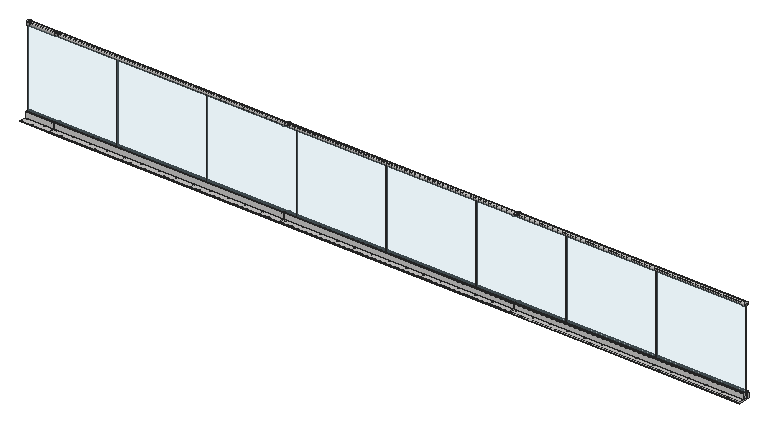
Revit family "34_LB_UNIQ_SB-O2", category Generic Models, Revit 2016
Family settings
  Part Type = Normal
  Can host rebar = No
  Round Connector Dimension = Use Diameter
  Work Plane-Based = No
  Cut with Voids When Loaded = No
  Shared = No
  Room Calculation Point = No
Parameters (values of type "UNIQ_SB-O2")
  verplatsing_passtuk [instance] = if(Passtuk_zichtbaar_omgekeerd, 0 mm, 100 mm)  # 0 mm
  Verstelbaar profiel = "Ja"
  Uitvoering = "RVS look (standaard) materiaal is geanodiseerd en geschik voor binnen en buitengebruik."
  URL = "https://uniq-balustrades.com/profielen/top-mounted-o/uniq-sb-o-2/"
  Profiel_zichtbaar_2 [instance] = [built-in parameter 1001306] > 7999 mm  # yes
  Profiel_zichtbaar_1 [instance] = and([built-in parameter 1001306] > 3999 mm, [built-in parameter 1001306] < 8000 mm)  # no
  Profiel_breedte_vast [instance] = 4000 mm  # constant formula
  Passtuk_zichtbaar_omgekeerd [instance] = not(Passtuk_zichtbaar)  # yes
  Passtuk_zichtbaar [instance] = or([built-in parameter 1001306] = 4000 mm, [built-in parameter 1001306] = 8000 mm, [built-in parameter 1001306] = 12000 mm, [built-in parameter 1001306] = 16000 mm, [built-in parameter 1001306] = 20000 mm, [built-in parameter 1001306] = 24000 mm, [built-in parameter 1001306] = 28000 mm, [built-in parameter 1001306] = 32000 mm, [built-in parameter 1001306] = 40000 mm)  # no
  Model = "UNIQ_SB-O2"
  Materiaal_ribber = Rubber
  Materiaal_profiel = Aluminium
  Materiaal_pakking = Pakking
  Materiaal_glas = Glass
  Materiaal_afdekker = Aluminium
  Manufacturer = "SB Railing"
  built-in parameter 1001306 [instance] = 12500 mm
  Krachten = "Geschikt voor maximaal 2 KN"
  IsExternal [instance] = no
  IfcExportAs = "IfcRailing"
  Hoogte_railing [instance] = 1500 mm
  Hoogte_glas [instance] = Hoogte_railing - 7 mm - 21.9 mm  # 1471.1 mm
  Glas_dikte = 25.5 mm
  Gasdiktes = "Geschikt voor 12/12 pvb en 19"
  FireRating [instance] = "0"
  Dikte_glas = 25.5 mm
  Description = "UNIQ SB-O2 | VLOERMONTAGE"
  Cover_front_CF-320 = no
  Cover_front_CF-312 = no
  Cover_front_CF-303 = no
  Cover_front_CF-300 = yes
  Breedte_passtuk [instance] = if([built-in parameter 1001306] > 8000 mm, [built-in parameter 1001306] - (Aantal_profielen * Profiel_breedte_vast), [built-in parameter 1001306] - 4000 mm)  # 500 mm
  Breedte_glasplaten [instance] = ([built-in parameter 1001306] - ((Aantal_glasplaten - 1) * 10 mm)) / Aantal_glasplaten  # 1553.75 mm
  Bovenrailing = yes
  Ber_breedte_passtuk_4 [instance] = if([built-in parameter 1001306] > 4000 mm, Ber_breedte_passtuk_3 - 4 mm, Ber_breedte_passtuk_3)  # 496 mm
  Ber_breedte_passtuk_3 [instance] = if(Passtuk_zichtbaar_omgekeerd, Ber_breedte_passtuk_2, 100 mm)  # 500 mm
  Ber_breedte_passtuk_2 [instance] = if([built-in parameter 1001306] > 4000 mm, Breedte_passtuk, [built-in parameter 1001306])  # 500 mm
  Ber_breedte_passtuk_5 [instance] = if([built-in parameter 1001306] > 8000 mm, Ber_breedte_passtuk_3 - (Aantal_profielen * 4 mm), Ber_breedte_passtuk_4)  # 488 mm
  Assembly Code = "34.11"
  Aantal_profielen [instance] = if([built-in parameter 1001306] < 8000 mm, 2, ([built-in parameter 1001306] / 4000 mm) - 0.5)  # 3
  Aantal_glasplaten [instance] = 8
Reference planes
  plane 1 "Center (Front/Back)": y = 0
  plane 2: z = 0
  plane 3 "Left": x = 0
  plane 4 "Right": x = 12500
  plane 5: through (0, 2, 1219.2) normal (-0.7071, 0.7071, 0)
  plane 6: x = 488
  plane 7: x = 0
  plane 8: x = 4492
  plane 9: x = 492
  plane 10: x = 4496
  plane 11: z = 1500
  plane 12: z = 7
Lines and regions (mm)
  reference lines
    curve 1: line (0, 0, 0) -> (12500, 0, 0)
Dimensions and locks
  "built-in parameter 1001306": plane 3 "Left" to plane 4 "Right"
  plane 3 "Left" to plane 4 "Right" = 12500 mm
  "verplatsing_passtuk": plane 7 to plane 3 "Left"
  equal spacing: group 1, group 2, group 3  (x3)
  plane 6 to plane 8 = 4004 mm
  locked: plane 6 to plane 9 at 4
  locked: plane 8 to plane 10 at 4
  "Ber_breedte_passtuk_5": plane 7 to plane 6
  nested 6 to nested 6 = 10 mm
  "Hoogte_railing": plane 11 to level
  plane 12 to level = 7 mm  (x2)
  aligned and locked: plane 4 "Right" to curve 1
  aligned and locked: plane 1 "Center (Front/Back)" to curve 1
  aligned and locked: plane 3 "Left" to curve 1
  aligned and locked: level to plane 2
  aligned and locked: nested 1 to level
  aligned and locked: nested 2 to level
  aligned and locked: nested 3 to level
  aligned and locked: plane 7 to nested 2  (x2)
  aligned and locked: plane 1 "Center (Front/Back)" to nested 2
  aligned and locked: plane 1 "Center (Front/Back)" to nested 1
  aligned and locked: plane 1 "Center (Front/Back)" to nested 3
  aligned and locked: nested 4 to level
  aligned and locked: plane 9 to nested 3
  aligned and locked: plane 9 to nested 1
  aligned and locked: plane 10 to nested 4
  aligned and locked: nested 6 to plane 12
  aligned and locked: plane 3 "Left" to nested 5
Nested families
  nested 1: "UNIQ_SB-O2_15.15.4" at (492, 0, 0), Lengte <- "built-in parameter 1001306", Ber_Lengte <- "Profiel_breedte_vast", visible <- "Profiel_zichtbaar_1", Hoogte <- "Hoogte_railing", Bovenrailing <- "Bovenrailing", type "UNIQ_SB-A1_8.8.2"
    with Rubber Rubber, Pakking Rubber, Materiaal_profiel Aluminium, Materiaal_afdekker Aluminium, Lengte_schroef 3950 mm, Lengte 12500 mm, Hoogte 1500 mm, HOH_schroef 100 mm, HOH_boorgat_onder 600 mm, HOH_boorgat 300 mm, Bovenrailing yes, Ber_Lengte 4000 mm, Aantal_boorgat_onder 7, Aantal_boorgat 13, Aantal 40
  nested 2: "UNIQ_SB-O2_15.15.4" at (0, 0, 0), Lengte <- "built-in parameter 1001306", Ber_Lengte <- "Ber_breedte_passtuk_5", visible <- "Passtuk_zichtbaar_omgekeerd", Hoogte <- "Hoogte_railing", Bovenrailing <- "Bovenrailing", type "UNIQ_SB-A1_8.8.2"
    with Rubber Rubber, Pakking Rubber, Materiaal_profiel Aluminium, Materiaal_afdekker Aluminium, Lengte_schroef 438 mm, Lengte 12500 mm, Hoogte 1500 mm, HOH_schroef 100 mm, HOH_boorgat_onder 600 mm, HOH_boorgat 300 mm, Bovenrailing yes, Ber_Lengte 488 mm, Aantal_boorgat_onder 2, Aantal_boorgat 2, Aantal 4
  nested 3: "UNIQ_SB-O2_15.15.4" at (492, 0, 0), Lengte <- "built-in parameter 1001306", Ber_Lengte <- "Profiel_breedte_vast", visible <- "Profiel_zichtbaar_2", Hoogte <- "Hoogte_railing", Bovenrailing <- "Bovenrailing", Materiaal_afdekker <- "Materiaal_afdekker", Materiaal_profiel <- "Materiaal_profiel", Pakking <- "Materiaal_pakking", Rubber <- "Materiaal_ribber", type "UNIQ_SB-A1_8.8.2"
    with Rubber Rubber, Pakking Pakking, Materiaal_profiel Aluminium, Materiaal_afdekker Aluminium, Lengte_schroef 3950 mm, Lengte 12500 mm, Hoogte 1500 mm, HOH_schroef 100 mm, HOH_boorgat_onder 600 mm, HOH_boorgat 300 mm, Bovenrailing yes, Ber_Lengte 4000 mm, Aantal_boorgat_onder 7, Aantal_boorgat 13, Aantal 40
  nested 4: "UNIQ_SB-O2_15.15.4" at (4496, 0, 0), Lengte <- "built-in parameter 1001306", Ber_Lengte <- "Profiel_breedte_vast", visible <- "Profiel_zichtbaar_2", Hoogte <- "Hoogte_railing", Bovenrailing <- "Bovenrailing", Materiaal_afdekker <- "Materiaal_afdekker", Materiaal_profiel <- "Materiaal_profiel", Pakking <- "Materiaal_pakking", Rubber <- "Materiaal_ribber", type "UNIQ_SB-A1_8.8.2"
    with Rubber Rubber, Pakking Pakking, Materiaal_profiel Aluminium, Materiaal_afdekker Aluminium, Lengte_schroef 3950 mm, Lengte 12500 mm, Hoogte 1500 mm, HOH_schroef 100 mm, HOH_boorgat_onder 600 mm, HOH_boorgat 300 mm, Bovenrailing yes, Ber_Lengte 4000 mm, Aantal_boorgat_onder 7, Aantal_boorgat 13, Aantal 40
  nested 5: "34_glasplaat_tbv_railing_V2" at (0, 140.25, 7), Dikte_glas <- "Dikte_glas", Hoogte_glas <- "Hoogte_glas", Aantal_glasplaten <- "Aantal_glasplaten", Ber_lengte <- "built-in parameter 1001306", type "34_glasplaat_tbv_railing_V2"
    with Lengte 12510 mm, Hoogte_glas 1471.1 mm, Dikte_glas 25.5 mm, Breedte_glasplaat 1563.75 mm, Ber_lengte 12500 mm, Aantal_glasplaten 8
  nested 6: "34_glasplaat" at (10936.25, 140.25, 7), type "34_glasplaat"
    with Lengte 1563.75 mm, Hoogte 1471.1 mm, Glas_dikte 25.5 mm, Glas_breedte 1553.75 mm, Glas Glass
  nested 7: "34_glasplaat" at (-10, 140.25, 7), type "34_glasplaat"
    with Lengte 1563.75 mm, Hoogte 1471.1 mm, Glas_dikte 25.5 mm, Glas_breedte 1553.75 mm, Glas Glass
  nested 8: "34_glasplaat" at (9372.5, 140.25, 7), type "34_glasplaat"
    with Lengte 1563.75 mm, Hoogte 1471.1 mm, Glas_dikte 25.5 mm, Glas_breedte 1553.75 mm, Glas Glass
  nested 9: "34_glasplaat" at (7808.75, 140.25, 7), type "34_glasplaat"
    with Lengte 1563.75 mm, Hoogte 1471.1 mm, Glas_dikte 25.5 mm, Glas_breedte 1553.75 mm, Glas Glass
  nested 10: "34_glasplaat" at (6245, 140.25, 7), type "34_glasplaat"
    with Lengte 1563.75 mm, Hoogte 1471.1 mm, Glas_dikte 25.5 mm, Glas_breedte 1553.75 mm, Glas Glass
  nested 11: "34_glasplaat" at (4681.25, 140.25, 7), type "34_glasplaat"
    with Lengte 1563.75 mm, Hoogte 1471.1 mm, Glas_dikte 25.5 mm, Glas_breedte 1553.75 mm, Glas Glass
  nested 12: "34_glasplaat" at (3117.5, 140.25, 7), type "34_glasplaat"
    with Lengte 1563.75 mm, Hoogte 1471.1 mm, Glas_dikte 25.5 mm, Glas_breedte 1553.75 mm, Glas Glass
  nested 13: "34_glasplaat" at (1553.75, 140.25, 7), type "34_glasplaat"
    with Lengte 1563.75 mm, Hoogte 1471.1 mm, Glas_dikte 25.5 mm, Glas_breedte 1553.75 mm, Glas Glass
  nested 14: "UNIQ_SB-O2_15.15.4" at (8500, 0, 0), Lengte <- "built-in parameter 1001306", Ber_Lengte <- "Profiel_breedte_vast", visible <- "Profiel_zichtbaar_2", Hoogte <- "Hoogte_railing", Bovenrailing <- "Bovenrailing", Materiaal_afdekker <- "Materiaal_afdekker", Materiaal_profiel <- "Materiaal_profiel", Pakking <- "Materiaal_pakking", Rubber <- "Materiaal_ribber", type "UNIQ_SB-A1_8.8.2"
    with Rubber Rubber, Pakking Pakking, Materiaal_profiel Aluminium, Materiaal_afdekker Aluminium, Lengte_schroef 3950 mm, Lengte 12500 mm, Hoogte 1500 mm, HOH_schroef 100 mm, HOH_boorgat_onder 600 mm, HOH_boorgat 300 mm, Bovenrailing yes, Ber_Lengte 4000 mm, Aantal_boorgat_onder 7, Aantal_boorgat 13, Aantal 40
Definition of nested family "UNIQ_SB-O2_15.15.4"
  Parameters (values of type "UNIQ_SB-A1_8.8.2")
    Rubber [instance] = none
    Pakking [instance] = none
    Materiaal_profiel [instance] = none
    Materiaal_afdekker [instance] = none
    Lengte_schroef [instance] = Ber_Lengte - 50 mm  # 1200 mm
    Lengte [instance] = 1250 mm
    Hoogte [instance] = 1200 mm
    HOH_schroef [instance] = if(Ber_Lengte > 200 mm, 100 mm, 20 mm)  # 100 mm
    HOH_boorgat_onder [instance] = 600 mm
    HOH_boorgat [instance] = 300 mm
    Cover_front_CF-320 = no
    Cover_front_CF-312 = no
    Cover_front_CF-303 = no
    Cover_front_CF-300 = yes
    Bovenrailing [instance] = yes
    Ber_Lengte [instance] = 1250 mm
    Aantal_boorgat_onder [instance] = if(Ber_Lengte > 900 mm, Ber_Lengte / HOH_boorgat_onder, 2)  # 2
    Aantal_boorgat [instance] = if(Ber_Lengte > 450 mm, Ber_Lengte / HOH_boorgat, 2)  # 4
    Aantal [instance] = Lengte_schroef / HOH_schroef  # 12
  Reference planes
    plane 1 "Center (Front/Back)": y = 0
    plane 2: z = 0
    plane 3 "Center (Left/Right)": x = 0
    plane 4: x = 1250
    plane 5: x = 50
    plane 6: x = 200
    plane 7: x = 1254
    plane 8: z = 1200
    plane 9: z = 1181.136
  Forms (mm)
    Sweep 1, solid, material <- "Materiaal_profiel"
      path origin (0, -19, 0) x (1, 0, 0) y (0, 1, 0)
        loop
          line (0, 0) -> (1250, 0)
      profile "Profiel_SB-O2 : Profiel_SB-A2" origin (625, -19, 0) x (0, 1, 0) y (0, 0, 1)
        loop
          line (19, 0) -> (19, -19) -> (203, -19) -> (203, 69.624) -> (193.4, 96) -> (185.5, 96) -> (185.5, 93) -> (184.1, 93) -> (184.1, 96) -> (175.6, 96) -> (175.6, 85) -> (173, 85) -> (173, 6) -> (137, 6) -> (125, 50.786) -> (125, 83.7) -> (122.4, 83.7) -> (122.4, 94.7) -> (120.9, 94.7) -> (120.9, 91.7) -> (119.5, 91.7) -> (119.5, 94.7) -> (117.85, 94.7) -> (117.85, 96) -> (105, 96) -> (105, 6) -> (-6, 6) -> (-6, 0) -> (19, 0)
    Sweep 2, solid, material <- "Pakking"
      path origin (0, -639, 0) x (1, 0, 0) y (0, 1, 0)
        loop
          line (0, 620) -> (1250, 620)
      profile "Rubber_onder_SB-O2 : Rubber_onder" origin (625, -19, 0) x (0, 1, 0) y (0, 0, 1)
        loop
          line (173, 7) -> (144.48, 7) -> (144.48, 6) -> (173, 6) -> (173, 7)
    Sweep 3, solid, material <- "Pakking"
      path origin (0, -899, 0) x (1, 0, 0) y (0, 1, 0)
        loop
          line (0, 880) -> (1250, 880)
      profile "Rubber_voor_SB-O2 : Rubber_voor" origin (625, -19, 0) x (0, 1, 0) y (0, 0, 1)
        loop
          line (173, 96) -> (172, 96) -> (172, 7) -> (173, 7) -> (173, 96)
    Sweep 4, solid
      path origin (0, -1119, 0) x (1, 0, 0) y (0, 1, 0)
        loop
          line (0, 1100) -> (1250, 1100)
      profile "Stelprofiel_01_SB-O2 : Stelprofiel_01" origin (625, -19, 0) x (0, 1, 0) y (0, 0, 1)
        loop
          line (131.48, 59.863) -> (135.379, 59.863) -> (137.581, 16.363) -> (134.224, 16.363) -> (136.233, 8.863) -> (144.48, 8.863) -> (144.48, 78.863) -> (131.48, 78.863) -> (131.48, 59.863)
    Sweep 5, solid, material <- "Materiaal_afdekker"
      path origin (0, -2079, 0) x (1, 0, 0) y (0, 1, 0)
        loop
          line (0, 2060) -> (1250, 2060)
      profile "Afdekker_achter_01_SB-O2 : Afdekker_achter_01" origin (625, -19, 0) x (0, 1, 0) y (0, 0, 1)
        loop
          line (118, 96) -> (118, 94.7) -> (119.5, 94.7) -> (119.5, 91.7) -> (120.9, 91.7) -> (120.9, 94.7) -> (122.4, 94.7) -> (122.4, 83.7) -> (124, 83.7) -> (124, 94.9) -> (133.9, 94.9) -> (133.9, 87.8) -> (143.011, 87.8) -> (143.011, 88.9) -> (135, 88.9) -> (135, 94.9) -> (143.011, 94.9) -> (143.011, 96) -> (118, 96)
    Sweep 6, solid, material <- "Rubber"
      path origin (0, -1359, 0) x (1, 0, 0) y (0, 1, 0)
        loop
          line (0, 1340) -> (1250, 1340)
      profile "Afdekker_achter_02_SB-O2 : Afdekker_achter_02" origin (625, -19, 0) x (0, 1, 0) y (0, 0, 1)
        loop
          line (143.552, 89.797) -> (146.48, 98.43) -> (146.48, 99.43) -> (145.619, 99.43) -> (143.96, 94.9) -> (136.91, 94.9) -> (135, 93.666) -> (135, 90.134) -> (136.91, 88.9) -> (143.55, 88.9) -> (143.552, 89.797)
    Sweep 7, solid, not visible
      path origin (-1900, -1400, 0) x (1, 0, 0) y (0, 1, 0)
        loop
          line (621, 1400) -> (629, 1400)
      profile "Stelprofiel_02 : Stelprofiel_02" origin (-1275, 0, 0) x (0, 1, 0) y (0, 0, 1)
        loop
          line (9, 166.532) -> (13.74, 166.532) -> (13.74, 174.532) -> (9, 174.532) -> (9, 166.532)
    Sweep 8, solid, not visible
      path origin (-1900, -1680, 0) x (1, 0, 0) y (0, 1, 0)
        loop
          line (617.493, 1680) -> (632.507, 1680)
      profile "Stelprofiel_03 : Stelprofiel_03" origin (-1275, 0, 0) x (0, 1, 0) y (0, 0, 1)
        loop
          line (9, 163.024) -> (9, 178.039) -> (6.758, 178.039) -> (6, 176.096) -> (6, 164.966) -> (6.757, 163.024) -> (9, 163.024)
    Extrusion 9, void, not visible
      sketch origin (-1279, 13.74, 174.532) x (-1, 0, 0) y (0, 0, -1)
        loop
          line (-9, 9) -> (-9, -1) -> (1, -1) -> (1, 9) -> (-9, 9)
        loop
          circle (-4, 4) r 4
      from -7.62 to 4.74
    Extrusion 10, void, not visible
      sketch origin (-1279, 13.74, 174.532) x (-1, 0, 0) y (0, 0, -1)
        loop
          line (-12.507, -4.507) -> (4.507, -4.507) -> (4.507, 12.507) -> (-12.507, 12.507) -> (-12.507, -4.507)
        loop
          line (-6.507, 11.507) -> (-11.507, 6.507) -> (-11.507, 1.493) -> (-6.507, -3.507) -> (-1.493, -3.507) -> (3.507, 1.493) -> (3.507, 6.507) -> (-1.493, 11.507) -> (-6.507, 11.507)
      from 4.74 to 9.74
    Sweep 11, solid, not visible
      path origin (-1900, -1400, 0) x (1, 0, 0) y (0, 1, 0)
        loop
          line (621, 1400) -> (629, 1400)
      profile "Stelprofiel_02 : Stelprofiel_02" origin (-1275, 0, 0) x (0, 1, 0) y (0, 0, 1)
        loop
          line (9, 166.532) -> (13.74, 166.532) -> (13.74, 174.532) -> (9, 174.532) -> (9, 166.532)
    Sweep 12, solid, not visible
      path origin (-1900, -1680, 0) x (1, 0, 0) y (0, 1, 0)
        loop
          line (617.493, 1680) -> (632.507, 1680)
      profile "Stelprofiel_03 : Stelprofiel_03" origin (-1275, 0, 0) x (0, 1, 0) y (0, 0, 1)
        loop
          line (9, 163.024) -> (9, 178.039) -> (6.758, 178.039) -> (6, 176.096) -> (6, 164.966) -> (6.757, 163.024) -> (9, 163.024)
    Extrusion 13, void, not visible
      sketch origin (-1279, 13.74, 174.532) x (-1, 0, 0) y (0, 0, -1)
        loop
          line (-9, 9) -> (-9, -1) -> (1, -1) -> (1, 9) -> (-9, 9)
        loop
          circle (-4, 4) r 4
      from -7.62 to 4.74
    Extrusion 14, void, not visible
      sketch origin (-1279, 13.74, 174.532) x (-1, 0, 0) y (0, 0, -1)
        loop
          line (-12.507, -4.507) -> (4.507, -4.507) -> (4.507, 12.507) -> (-12.507, 12.507) -> (-12.507, -4.507)
        loop
          line (-6.507, 11.507) -> (-11.507, 6.507) -> (-11.507, 1.493) -> (-6.507, -3.507) -> (-1.493, -3.507) -> (3.507, 1.493) -> (3.507, 6.507) -> (-1.493, 11.507) -> (-6.507, 11.507)
      from 4.74 to 9.74
    Extrusion 15, void
      sketch origin (162.168, -16.5, 1.992) x (1, 0, 0) y (0, 1, 0)
        loop
          arc (-117.168, 92.5) -> (-123.168, 86.5) -> (-117.168, 80.5) r 6
          line (-117.168, 80.5) -> (-107.168, 80.5)
          arc (-107.168, 80.5) -> (-101.168, 86.5) -> (-107.168, 92.5) r 6
          line (-107.168, 92.5) -> (-117.168, 92.5)
      from -20.992 to 4.008
    Extrusion 16, void, not visible
      sketch origin (210, 2.5, 1.992) x (1, 0, 0) y (0, 1, 0)
        loop
          arc (-117.168, 92.5) -> (-123.168, 86.5) -> (-117.168, 80.5) r 6
          line (-117.168, 80.5) -> (-107.168, 80.5)
          arc (-107.168, 80.5) -> (-101.168, 86.5) -> (-107.168, 92.5) r 6
          line (-107.168, 92.5) -> (-117.168, 92.5)
      from -20.992 to 4.008
    Extrusion 17, void
      sketch origin (462.168, -16.5, 1.992) x (1, 0, 0) y (0, 1, 0)
        loop
          arc (-117.168, 92.5) -> (-123.168, 86.5) -> (-117.168, 80.5) r 6
          line (-117.168, 80.5) -> (-107.168, 80.5)
          arc (-107.168, 80.5) -> (-101.168, 86.5) -> (-107.168, 92.5) r 6
          line (-107.168, 92.5) -> (-117.168, 92.5)
      from -20.992 to 4.008
    Extrusion 18, void
      sketch origin (274.606, -27.256, 25) x (0, -1, 0) y (1, 0, 0)
        loop
          line (-9.257, -80.606) -> (-9.257, -68.606)
          arc (-9.257, -68.606) -> (-11.014, -64.363) -> (-15.257, -62.606) r 6
          arc (-15.257, -62.606) -> (-19.499, -64.363) -> (-21.257, -68.606) r 6
          line (-21.257, -68.606) -> (-21.257, -80.606)
          arc (-21.257, -80.606) -> (-19.499, -84.848) -> (-15.257, -86.606) r 6
          arc (-15.257, -86.606) -> (-11.014, -84.848) -> (-9.257, -80.606) r 6
      from -25 to -19
    Extrusion 19, void, not visible
      sketch origin (274.606, -8.256, 25) x (0, -1, 0) y (1, 0, 0)
        loop
          line (-9.257, -80.606) -> (-9.257, -68.606)
          arc (-9.257, -68.606) -> (-11.014, -64.363) -> (-15.257, -62.606) r 6
          arc (-15.257, -62.606) -> (-19.499, -64.363) -> (-21.257, -68.606) r 6
          line (-21.257, -68.606) -> (-21.257, -80.606)
          arc (-21.257, -80.606) -> (-19.499, -84.848) -> (-15.257, -86.606) r 6
          arc (-15.257, -86.606) -> (-11.014, -84.848) -> (-9.257, -80.606) r 6
      from -25 to -19
    Extrusion 20, void
      sketch origin (874.606, -27.256, 25) x (0, -1, 0) y (1, 0, 0)
        loop
          line (-9.257, -80.606) -> (-9.257, -68.606)
          arc (-9.257, -68.606) -> (-11.014, -64.363) -> (-15.257, -62.606) r 6
          arc (-15.257, -62.606) -> (-19.499, -64.363) -> (-21.257, -68.606) r 6
          line (-21.257, -68.606) -> (-21.257, -80.606)
          arc (-21.257, -80.606) -> (-19.499, -84.848) -> (-15.257, -86.606) r 6
          arc (-15.257, -86.606) -> (-11.014, -84.848) -> (-9.257, -80.606) r 6
      from -25 to -19
    Extrusion 21, void
      sketch origin (762.168, -16.5, 1.992) x (1, 0, 0) y (0, 1, 0)
        loop
          arc (-117.168, 92.5) -> (-123.168, 86.5) -> (-117.168, 80.5) r 6
          line (-117.168, 80.5) -> (-107.168, 80.5)
          arc (-107.168, 80.5) -> (-101.168, 86.5) -> (-107.168, 92.5) r 6
          line (-107.168, 92.5) -> (-117.168, 92.5)
      from -20.992 to 4.008
    Extrusion 22, void
      sketch origin (1062.168, -16.5, 1.992) x (1, 0, 0) y (0, 1, 0)
        loop
          arc (-117.168, 92.5) -> (-123.168, 86.5) -> (-117.168, 80.5) r 6
          line (-117.168, 80.5) -> (-107.168, 80.5)
          arc (-107.168, 80.5) -> (-101.168, 86.5) -> (-107.168, 92.5) r 6
          line (-107.168, 92.5) -> (-117.168, 92.5)
      from -20.992 to 4.008
    Extrusion 23, solid, material <- "Materiaal_afdekker", visible <- "Bovenrailing"
      sketch origin (0, 120.64, 0) x (0, 1, 0) y (0, 0, 1)
        loop
          arc (38.385, 1146.268) -> (37.222, 1146.137) -> (36.6, 1147.128) r 1.1
          line (36.6, 1147.128) -> (36.6, 1181.136) -> (2.6, 1181.136) -> (2.6, 1147.128)
          arc (2.6, 1147.128) -> (1.978, 1146.137) -> (0.815, 1146.268) r 1.1
          arc (0.815, 1146.268) -> (19.6, 1200) -> (38.385, 1146.268) r 30.15
        loop
          line (38.1, 1147.974) -> (38.1, 1182.636) -> (1.1, 1182.636) -> (1.1, 1147.974)
          arc (1.1, 1147.974) -> (19.6, 1198.5) -> (38.1, 1147.974) r 28.65
      from 0 to 1250
    Extrusion 24, solid, material <- "Rubber", visible <- "Bovenrailing"
      sketch origin (0, 120.64, -4.375) x (0, 1, 0) y (0, 0, 1)
        loop
          line (6.84, 1182.511) -> (32.36, 1182.511) -> (32.36, 1147.263) -> (36.6, 1151.503) -> (36.6, 1184.011)
          arc (36.6, 1184.011) -> (36.161, 1185.072) -> (35.1, 1185.511) r 1.5
          line (35.1, 1185.511) -> (31.6, 1185.511) -> (30.539, 1184.451) -> (8.661, 1184.451) -> (7.6, 1185.511) -> (4.1, 1185.511)
          arc (4.1, 1185.511) -> (3.039, 1185.072) -> (2.6, 1184.011) r 1.5
          line (2.6, 1184.011) -> (2.6, 1151.503) -> (6.84, 1147.263) -> (6.84, 1182.511)
        loop
          line (8.252, 1183.652) -> (6.893, 1185.011) -> (5.34, 1185.011)
          arc (5.34, 1185.011) -> (4.516, 1184.578) -> (4.407, 1183.652) r 1
          line (4.407, 1183.652) -> (8.252, 1183.652)
        loop
          arc (34.793, 1183.652) -> (34.684, 1184.578) -> (33.86, 1185.011) r 1
          line (33.86, 1185.011) -> (32.307, 1185.011) -> (30.948, 1183.652) -> (34.793, 1183.652)
      from 0 to 1250
  Cuts and joins
    Extrusion 15, Extrusion 17, Extrusion 18, Extrusion 20, Extrusion 21, Extrusion 22 cuts Sweep 1
  Lines and regions (mm)
    model lines, not visible
      curve 1: circle (-1275, 13.74, 170.532) r 4 normal (0, 1, 0)
      curve 2: circle (-1275, 13.74, 170.532) r 4 normal (0, 1, 0)
      curve 3: line (-1275, 9, 0) -> (-1275, 13.74, 0)
      curve 5: line (200, 0, -18) -> (200, 0, -6)
    model lines
      curve 4: line (200, -19, -18) -> (200, -19, -6)
      curve 6: line (800, -19, -18) -> (800, -19, -6)
  Dimensions and locks
    "Ber_Lengte": plane 3 "Center (Left/Right)" to plane 4
    "Lengte_schroef": plane 5 to plane 4
    equal spacing: group 3, group 5, group 14, group 15  (x3)
    group 6 to group 8 = 600 mm
    group 6 to group 8 = 0 mm  (x2)
    plane 6 to plane 3 "Center (Left/Right)" = 200 mm  (x2)
    plane 5 to plane 3 "Center (Left/Right)" = 50 mm  (x2)
    equal spacing: group 9, group 10, group 11, group 12, group 13, group 16, group 17, group 18, group 19, group 20, group 21, group 22  (x3)
    plane 3 "Center (Left/Right)" to plane 4 = 1250 mm
    locked: plane 4 to plane 7 at 4
    "Hoogte": plane 8 to level
    locked: plane 8 to plane 9 at 18.864
    aligned and locked: level to plane 2
    aligned and locked: plane 4 to Sweep 1 sketch curve
    aligned and locked: plane 3 "Center (Left/Right)" to Sweep 1 sketch curve
    aligned and locked: plane 4 to Sweep 2 sketch curve
    aligned and locked: plane 3 "Center (Left/Right)" to Sweep 2 sketch curve
    aligned and locked: plane 3 "Center (Left/Right)" to Sweep 3 sketch curve
    aligned and locked: plane 4 to Sweep 3 sketch curve
    aligned and locked: plane 3 "Center (Left/Right)" to Sweep 4 sketch curve
    aligned and locked: plane 4 to Sweep 4 sketch curve
    aligned and locked: plane 3 "Center (Left/Right)" to Sweep 5 sketch curve
    aligned and locked: plane 4 to Sweep 5 sketch curve
    aligned and locked: plane 3 "Center (Left/Right)" to Sweep 6 sketch curve
    aligned and locked: plane 4 to Sweep 6 sketch curve
    aligned and locked: curve 4 to plane 6
    aligned and locked: plane 5 to nested 1
    aligned and locked: plane 3 "Center (Left/Right)" to nested 13
    aligned and locked: plane 1 "Center (Front/Back)" to nested 13
    aligned and locked: plane 3 "Center (Left/Right)" to nested 14
    aligned and locked: plane 1 "Center (Front/Back)" to nested 14
    aligned and locked: plane 3 "Center (Left/Right)" to nested 15
    aligned and locked: plane 1 "Center (Front/Back)" to nested 15
    aligned and locked: plane 1 "Center (Front/Back)" to nested 16
    aligned and locked: plane 4 to Extrusion 23
    aligned and locked: plane 4 to Extrusion 24
  Automatic sketch dimensions
    Sweep 8 sketch curve to Sweep 8 sketch curve = 15.015 mm
    Sweep 7 to Extrusion 9 sketch curve = 1 mm  (x2)
    Extrusion 9 sketch curve to Sweep 7 = 4 mm
    Extrusion 9 sketch curve to Sweep 7 = 1 mm  (x2)
    Sweep 7 to Extrusion 9 sketch curve = 4 mm
    Sweep 7 to Extrusion 10 sketch curve = 4.507 mm  (x2)
    Sweep 7 to Extrusion 10 sketch curve = 1.493 mm  (x4)
    Sweep 7 to Extrusion 10 sketch curve = 3.507 mm  (x2)
    Extrusion 10 sketch curve to Sweep 7 = 1.493 mm  (x4)
    Extrusion 10 sketch curve to Sweep 7 = 3.507 mm  (x2)
    Extrusion 10 sketch curve to Sweep 7 = 4.507 mm  (x2)
    Sweep 7 sketch curve to Sweep 7 sketch curve = 8 mm
    Sweep 12 sketch curve to Sweep 12 sketch curve = 15.015 mm
    Sweep 11 to Extrusion 13 sketch curve = 1 mm  (x2)
    Extrusion 13 sketch curve to Sweep 11 = 4 mm
    Extrusion 13 sketch curve to Sweep 11 = 1 mm  (x2)
    Sweep 11 to Extrusion 13 sketch curve = 4 mm
    Sweep 11 to Extrusion 14 sketch curve = 4.507 mm  (x2)
    Sweep 11 to Extrusion 14 sketch curve = 1.493 mm  (x4)
    Sweep 11 to Extrusion 14 sketch curve = 3.507 mm  (x2)
    Extrusion 14 sketch curve to Sweep 11 = 1.493 mm  (x4)
    Extrusion 14 sketch curve to Sweep 11 = 3.507 mm  (x2)
    Extrusion 14 sketch curve to Sweep 11 = 4.507 mm  (x2)
    Sweep 11 sketch curve to Sweep 11 sketch curve = 8 mm
    curve 3 to curve 3 = 4.74 mm
    curve 4 to curve 4 = 12 mm
    curve 5 to curve 5 = 12 mm
    curve 6 to curve 6 = 12 mm
    plane 1 "Center (Front/Back)" to Sweep 1 sketch curve = 19 mm
    plane 1 "Center (Front/Back)" to Sweep 2 sketch curve = 19 mm
    plane 1 "Center (Front/Back)" to Sweep 3 sketch curve = 19 mm
    plane 1 "Center (Front/Back)" to Sweep 4 sketch curve = 19 mm
    plane 1 "Center (Front/Back)" to Sweep 5 sketch curve = 19 mm
    plane 1 "Center (Front/Back)" to Sweep 6 sketch curve = 19 mm
    Extrusion 20 sketch curve to Extrusion 20 sketch curve = 0 mm  (x4)
    Extrusion 20 sketch curve to Extrusion 20 sketch curve = 6 mm
    Extrusion 20 sketch curve to Extrusion 20 sketch curve = 12 mm
    Extrusion 18 sketch curve to Extrusion 18 sketch curve = 0 mm  (x4)
    Extrusion 18 sketch curve to Extrusion 18 sketch curve = 6 mm
    Extrusion 18 sketch curve to Extrusion 18 sketch curve = 12 mm
    Extrusion 19 sketch curve to Extrusion 19 sketch curve = 0 mm  (x4)
    Extrusion 19 sketch curve to Extrusion 19 sketch curve = 6 mm
    Extrusion 19 sketch curve to Extrusion 19 sketch curve = 12 mm
    Extrusion 15 sketch curve to Extrusion 15 sketch curve = 10 mm
    Extrusion 15 sketch curve to Extrusion 15 sketch curve = 6 mm
    Extrusion 16 sketch curve to Extrusion 16 sketch curve = 10 mm
    Extrusion 16 sketch curve to Extrusion 16 sketch curve = 6 mm
    Extrusion 17 sketch curve to Extrusion 17 sketch curve = 10 mm
    Extrusion 17 sketch curve to Extrusion 17 sketch curve = 6 mm
    Extrusion 21 sketch curve to Extrusion 21 sketch curve = 10 mm
    Extrusion 21 sketch curve to Extrusion 21 sketch curve = 6 mm
    Extrusion 22 sketch curve to Extrusion 22 sketch curve = 10 mm
    Extrusion 22 sketch curve to Extrusion 22 sketch curve = 6 mm
    Extrusion 23 sketch curve to Extrusion 23 sketch curve = 0 mm  (x4)
    Extrusion 23 sketch curve to Extrusion 23 sketch curve = 0.4 mm  (x2)
    Extrusion 23 sketch curve to Extrusion 23 sketch curve = 1.5 mm  (x2)
    Extrusion 23 sketch curve to Extrusion 23 sketch curve = 17 mm  (x2)
    Extrusion 23 sketch curve to Extrusion 23 sketch curve = 1.1 mm
    Extrusion 23 sketch curve to Extrusion 23 sketch curve = 11.286 mm
    Extrusion 23 sketch curve to Extrusion 23 sketch curve = 21.876 mm
    Extrusion 23 sketch curve to Extrusion 23 sketch curve = 0.846 mm  (x2)
    Extrusion 23 sketch curve to plane 1 "Center (Front/Back)" = 121.74 mm
    Extrusion 23 sketch curve to plane 9 = 0 mm
    Extrusion 24 sketch curve to plane 9 = 0 mm  (x2)
    Extrusion 24 sketch curve to plane 1 "Center (Front/Back)" = 123.24 mm
    Extrusion 24 sketch curve to Extrusion 24 sketch curve = 1.5 mm  (x2)
    Extrusion 24 sketch curve to Extrusion 24 sketch curve = 0.307 mm
    Extrusion 24 sketch curve to plane 9 = 0.5 mm  (x2)
    Extrusion 24 sketch curve to Extrusion 24 sketch curve = 1.24 mm  (x2)
    Extrusion 24 sketch curve to Extrusion 24 sketch curve = 1.553 mm  (x2)
    Extrusion 24 sketch curve to Extrusion 24 sketch curve = 0.707 mm  (x2)
    Extrusion 24 sketch curve to plane 9 = 1.859 mm  (x2)
    Extrusion 24 sketch curve to Extrusion 24 sketch curve = 1.412 mm  (x2)
    Extrusion 24 sketch curve to Extrusion 24 sketch curve = 0.409 mm  (x2)
    Extrusion 24 sketch curve to plane 9 = 1.061 mm
    Extrusion 24 sketch curve to Extrusion 24 sketch curve = 21.879 mm
    Extrusion 24 sketch curve to Extrusion 24 sketch curve = 1.061 mm
    Extrusion 24 sketch curve to Extrusion 24 sketch curve = 0.933 mm
    Extrusion 24 sketch curve to plane 9 = 1.5 mm
    Extrusion 24 sketch curve to Extrusion 24 sketch curve = 32.15 mm
    Extrusion 24 sketch curve to Extrusion 24 sketch curve = 4.24 mm  (x2)
    Extrusion 24 sketch curve to Extrusion 24 sketch curve = 1.141 mm
    Extrusion 24 sketch curve to Extrusion 24 sketch curve = 0 mm
    radius of Extrusion 9 sketch curve = 4 mm
    radius of Extrusion 13 sketch curve = 4 mm
  Nested families
    nested 1: "06_Stelprofiel_04_SCHROEF_SB-O2" at (42.5, 0, 0), type "06_Stelprofiel_04_SCHROEF"
    nested 2: "06_Stelprofiel_04_SCHROEF_SB-O2" at (142.5, 0, 0), type "06_Stelprofiel_04_SCHROEF"
    nested 3: "06_Stelprofiel_04_SCHROEF_SB-O2" at (242.5, 0, 0), type "06_Stelprofiel_04_SCHROEF"
    nested 4: "06_Stelprofiel_04_SCHROEF_SB-O2" at (342.5, 0, 0), type "06_Stelprofiel_04_SCHROEF"
    nested 5: "06_Stelprofiel_04_SCHROEF_SB-O2" at (442.5, 0, 0), type "06_Stelprofiel_04_SCHROEF"
    nested 6: "06_Stelprofiel_04_SCHROEF_SB-O2" at (542.5, 0, 0), type "06_Stelprofiel_04_SCHROEF"
    nested 7: "06_Stelprofiel_04_SCHROEF_SB-O2" at (642.5, 0, 0), type "06_Stelprofiel_04_SCHROEF"
    nested 8: "06_Stelprofiel_04_SCHROEF_SB-O2" at (742.5, 0, 0), type "06_Stelprofiel_04_SCHROEF"
    nested 9: "06_Stelprofiel_04_SCHROEF_SB-O2" at (842.5, 0, 0), type "06_Stelprofiel_04_SCHROEF"
    nested 10: "06_Stelprofiel_04_SCHROEF_SB-O2" at (942.5, 0, 0), type "06_Stelprofiel_04_SCHROEF"
    nested 11: "06_Stelprofiel_04_SCHROEF_SB-O2" at (1042.5, 0, 0), type "06_Stelprofiel_04_SCHROEF"
    nested 12: "06_Stelprofiel_04_SCHROEF_SB-O2" at (1142.5, 0, 0), type "06_Stelprofiel_04_SCHROEF"
    nested 13: "Cover_front_CF-303_SB-O2" at (0, 0, 0), Lengte <- "Ber_Lengte", visible <- "Cover_front_CF-303", Materiaal <- "Materiaal_afdekker", type "std"
      with Materiaal none, Lengte 1250 mm
    nested 14: "Cover_front_CF-312_SB-O2" at (0, 0, 0), Lengte <- "Ber_Lengte", visible <- "Cover_front_CF-312", Materiaal <- "Materiaal_afdekker", type "std"
      with Materiaal none, Lengte 1250 mm
    nested 15: "Cover_front_CF-320_SB-O2" at (0, 0, 0), Lengte <- "Ber_Lengte", visible <- "Cover_front_CF-320", Materiaal <- "Materiaal_afdekker", type "std"
      with Materiaal none, Lengte 1250 mm
    nested 16: "Cover_front_CF-300_SB-O2" at (0, 0, 0), Lengte <- "Ber_Lengte", visible <- "Cover_front_CF-300", Materiaal <- "Materiaal_afdekker", type "std"
      with Materiaal none, Lengte 1250 mm
  Definition of nested family "06_Stelprofiel_04_SCHROEF_SB-O2"
    Reference planes
      plane 1 "Center (Front/Back)": y = 0
      plane 2: z = 0
      plane 3 "Center (Left/Right)": x = 0
    Forms (mm)
      Extrusion 1, solid
        sketch origin (0, 112.48, -102.672) x (1, 0, 0) y (0, 0, 1)
          loop
            circle (7.504, 170.535) r 3.996
        from 0 to 3.48
      Sweep 2, solid
        path origin (0, 119, -102.672) x (1, 0, 0) y (0, 1, 0)
          loop
            line (0, 0) -> (15, 0)
        profile "06_Stelprofiel_03 : 06_Stelprofiel_03" origin (7.5, 119, -102.672) x (0, 1, 0) y (0, 0, 1)
          loop
            line (-12.243, 163.024) -> (-10, 163.024) -> (-10, 178.038) -> (-12.242, 178.038) -> (-13, 176.096) -> (-13, 164.966) -> (-12.243, 163.024)
      Extrusion 3, void
        sketch origin (0, 113.74, -102.672) x (1, 0, 0) y (0, 0, 1)
          loop
            line (16, 179.038) -> (-1, 179.038) -> (-1, 162.024) -> (16, 162.024) -> (16, 179.038)
          loop
            line (15, 173.038) -> (10, 178.038) -> (5, 178.038) -> (0, 173.038) -> (0, 168.024) -> (5, 163.024) -> (10, 163.024) -> (15, 168.024) -> (15, 173.038)
        from 4.74 to 7.74
      Extrusion 4, solid, not visible
        sketch origin (0, 112.48, -102.672) x (1, 0, 0) y (0, 0, 1)
          loop
            circle (7.504, 170.535) r 3.996
        from 0 to 3.48
      Sweep 5, solid, not visible
        path origin (0, 119, -102.672) x (1, 0, 0) y (0, 1, 0)
          loop
            line (0, 0) -> (15, 0)
        profile "06_Stelprofiel_03 : 06_Stelprofiel_03" origin (7.5, 119, -102.672) x (0, 1, 0) y (0, 0, 1)
          loop
            line (-12.243, 163.024) -> (-10, 163.024) -> (-10, 178.038) -> (-12.242, 178.038) -> (-13, 176.096) -> (-13, 164.966) -> (-12.243, 163.024)
      Extrusion 6, void, not visible
        sketch origin (0, 113.74, -102.672) x (1, 0, 0) y (0, 0, 1)
          loop
            line (16, 179.038) -> (-1, 179.038) -> (-1, 162.024) -> (16, 162.024) -> (16, 179.038)
          loop
            line (15, 173.038) -> (10, 178.038) -> (5, 178.038) -> (0, 173.038) -> (0, 168.024) -> (5, 163.024) -> (10, 163.024) -> (15, 168.024) -> (15, 173.038)
        from 4.74 to 7.74
    Cuts and joins
      Extrusion 3 cuts Sweep 2
    Lines and regions (mm)
      model lines
        curve 1: line (7.5, -4.74, 0) -> (7.5, 0, 0)
      model lines, not visible
        curve 2: line (7.5, -4.74, 0) -> (7.5, 0, 0)
    Dimensions and locks
      aligned and locked: level to plane 2
  Definition of nested family "Cover_front_CF-303_SB-O2"
    Parameters (values of type "std")
      Materiaal [instance] = none
      Lengte [instance] = 1828.168 mm
    Reference planes
      plane 1 "Center (Front/Back)": y = 0
      plane 2: z = 0
      plane 3 "Center (Left/Right)": x = 0
      plane 4: x = 1828.168
    Forms (mm)
      Sweep 1, solid, material <- "Materiaal"
        path origin (0, 0, 0) x (1, 0, 0) y (0, 1, 0)
          loop
            line (0, 0) -> (1828.168, 0)
        profile "Afdekker_voor_CF-303_SB-O2 : Afdekker_voor_CF-103" origin (914.084, 0, 0) x (0, 1, 0) y (0, 0, 1)
          loop
            line (166.5, 93) -> (166.5, 96) -> (186.9, 96)
            arc (186.9, 96) -> (187.254, 95.854) -> (187.4, 95.5) r 0.5
            line (187.4, 95.5) -> (187.4, 87.981) -> (188.6, 87.981) -> (188.6, 95.5)
            arc (188.6, 95.5) -> (188.102, 96.702) -> (186.9, 97.2) r 1.7
            line (186.9, 97.2) -> (153.5, 97.2) -> (153.5, 96) -> (155, 96) -> (155, 85) -> (156.6, 85) -> (156.6, 96) -> (165.1, 96) -> (165.1, 93) -> (166.5, 93)
    Dimensions and locks
      "Lengte": plane 3 "Center (Left/Right)" to plane 4
      aligned and locked: level to plane 2
      aligned and locked: plane 1 "Center (Front/Back)" to Sweep 1 sketch curve
      aligned and locked: plane 4 to Sweep 1 sketch curve
    Automatic sketch dimensions
      plane 3 "Center (Left/Right)" to Sweep 1 sketch curve = 0 mm
  Definition of nested family "Cover_front_CF-312_SB-O2"
    Parameters (values of type "std")
      Materiaal [instance] = none
      Lengte [instance] = 1828.168 mm
    Types (2): name
      std
      Cover_front_CF-112
    Reference planes
      plane 1 "Center (Front/Back)": y = 0
      plane 2: z = 0
      plane 3 "Center (Left/Right)": x = 0
      plane 4: x = 1828.168
    Forms (mm)
      Sweep 1, solid, material <- "Materiaal"
        path origin (0, 0, 0) x (1, 0, 0) y (0, 1, 0)
          loop
            line (0, 0) -> (1828.168, 0)
        profile "Afdekker_voor_CF-312_SB-O2 : Afdekker_voor_CF-112" origin (914.084, 0, 0) x (0, 1, 0) y (0, 0, 1)
          loop
            line (166.5, 93) -> (166.5, 96) -> (195.9, 96)
            arc (195.9, 96) -> (196.254, 95.854) -> (196.4, 95.5) r 0.5
            line (196.4, 95.5) -> (196.4, 88) -> (197.6, 88) -> (197.6, 95.5)
            arc (197.6, 95.5) -> (197.102, 96.702) -> (195.9, 97.2) r 1.7
            line (195.9, 97.2) -> (153.511, 97.2) -> (153.511, 96) -> (155, 96) -> (155, 85) -> (156.6, 85) -> (156.6, 96) -> (165.1, 96) -> (165.1, 93) -> (166.5, 93)
    Dimensions and locks
      "Lengte": plane 3 "Center (Left/Right)" to plane 4
      aligned and locked: level to plane 2
      aligned and locked: plane 1 "Center (Front/Back)" to Sweep 1 sketch curve
      aligned and locked: plane 4 to Sweep 1 sketch curve
    Automatic sketch dimensions
      plane 3 "Center (Left/Right)" to Sweep 1 sketch curve = 0 mm
  Definition of nested family "Cover_front_CF-320_SB-O2"
    Parameters (values of type "std")
      Materiaal [instance] = none
      Lengte [instance] = 1828.168 mm
    Types (2): name
      std
      Cover_front_CF-120
    Reference planes
      plane 1 "Center (Front/Back)": y = 0
      plane 2: z = 0
      plane 3 "Center (Left/Right)": x = 0
      plane 4: x = 1828.168
    Forms (mm)
      Sweep 1, solid, material <- "Materiaal"
        path origin (0, 0, 0) x (1, 0, 0) y (0, 1, 0)
          loop
            line (0, 0) -> (1828.168, 0)
        profile "Afdekker_voor_CF-320_SB-O2 : Afdekker_voor_CF-120" origin (914.084, 0, 0) x (0, 1, 0) y (0, 0, 1)
          loop
            line (166.5, 93) -> (166.5, 96) -> (203.9, 96)
            arc (203.9, 96) -> (204.254, 95.854) -> (204.4, 95.5) r 0.5
            line (204.4, 95.5) -> (204.4, 87.986) -> (205.6, 87.986) -> (205.6, 95.5)
            arc (205.6, 95.5) -> (205.102, 96.702) -> (203.9, 97.2) r 1.7
            line (203.9, 97.2) -> (153.457, 97.2) -> (153.457, 96) -> (155, 96) -> (155, 85) -> (156.6, 85) -> (156.6, 96) -> (165.1, 96) -> (165.1, 93) -> (166.5, 93)
    Dimensions and locks
      "Lengte": plane 3 "Center (Left/Right)" to plane 4
      aligned and locked: level to plane 2
      aligned and locked: plane 1 "Center (Front/Back)" to Sweep 1 sketch curve
      aligned and locked: plane 4 to Sweep 1 sketch curve
    Automatic sketch dimensions
      plane 3 "Center (Left/Right)" to Sweep 1 sketch curve = 0 mm
  Definition of nested family "Cover_front_CF-300_SB-O2"
    Parameters (values of type "std")
      Materiaal [instance] = none
      Lengte [instance] = 1828.168 mm
    Reference planes
      plane 1 "Center (Front/Back)": y = 0
      plane 2: z = 0
      plane 3 "Center (Left/Right)": x = 0
      plane 4: x = 1828.168
    Forms (mm)
      Sweep 1, solid, material <- "Materiaal"
        path origin (0, 0, 0) x (1, 0, 0) y (0, 1, 0)
          loop
            line (0, 0) -> (1828.168, 0)
        profile "Afdekker_voor_CF-100_SB-O2 : Afdekker_voor_CF-100" origin (914.084, 0, 0) x (0, 1, 0) y (0, 0, 1)
          loop
            line (166.5, 93) -> (166.5, 96) -> (173.288, 96) -> (172.887, 97.1) -> (153.49, 97.1) -> (153.49, 96) -> (155, 96) -> (155, 85) -> (156.6, 85) -> (156.6, 96) -> (165.1, 96) -> (165.1, 93) -> (166.5, 93)
    Dimensions and locks
      "Lengte": plane 3 "Center (Left/Right)" to plane 4
      aligned and locked: level to plane 2
      aligned and locked: plane 1 "Center (Front/Back)" to Sweep 1 sketch curve
      aligned and locked: plane 4 to Sweep 1 sketch curve
    Automatic sketch dimensions
      plane 3 "Center (Left/Right)" to Sweep 1 sketch curve = 0 mm
Definition of nested family "34_glasplaat"
  Parameters (values of type "34_glasplaat")
    Lengte [instance] = 1200 mm
    Hoogte [instance] = 800 mm
    Glas_dikte [instance] = 21.5 mm
    Glas_breedte [instance] = Lengte - 10 mm  # 1190 mm
    Glas [instance] = none
  Types (2): name
    34_glasplaat
    34_glasplaat 2
  Reference planes
    plane 1 "Center (Front/Back)": y = 0
    plane 2: z = 0
    plane 3 "Center (Left/Right)": x = 0
    plane 4: x = 1200
    plane 5: z = 800
    plane 6: y = 10.75
    plane 7: y = -10.75
    plane 8: x = 10
  Forms (mm)
    Extrusion 1, solid, material <- "Glas"
      sketch origin (0, 0, 0) x (1, 0, 0) y (0, 1, 0)
        loop
          line (10, -10.75) -> (1200, -10.75) -> (1200, 10.75) -> (10, 10.75) -> (10, -10.75)
      from 0 to 800
  Dimensions and locks
    "Lengte": plane 3 "Center (Left/Right)" to plane 4
    "Hoogte": plane 5 to level
    "Glas_dikte": plane 6 to plane 7
    equal spacing: plane 6, plane 1 "Center (Front/Back)", plane 7
    locked: plane 3 "Center (Left/Right)" to plane 8 at 10
    aligned and locked: level to plane 2
    aligned and locked: Extrusion 1 sketch curve to plane 7
    aligned and locked: Extrusion 1 to plane 8
    aligned and locked: plane 6 to Extrusion 1 sketch curve
    aligned and locked: plane 5 to Extrusion 1
  Automatic sketch dimensions
    Extrusion 1 sketch curve to plane 8 = 0 mm
    Extrusion 1 sketch curve to plane 4 = 0 mm
Definition of nested family "34_glasplaat_tbv_railing_V2"
  Parameters (values of type "34_glasplaat_tbv_railing_V2")
    Materiaal_glas = none
    Lengte [instance] = Ber_lengte + 10 mm  # 5000 mm
    Hoogte_glas [instance] = 1000 mm
    Dikte_glas [instance] = 21.5 mm
    Breedte_glasplaat [instance] = Lengte / Aantal_glasplaten  # 1000 mm
    Ber_lengte [instance] = 4990 mm
    Aantal_glasplaten [instance] = 5
  Reference planes
    plane 1 "Center (Front/Back)": y = 0
    plane 2: z = 0
    plane 3 "Center (Left/Right)": x = 0
    plane 4: x = 5000
    plane 5: x = 4990
  Dimensions and locks
    "Lengte": plane 3 "Center (Left/Right)" to plane 4
    equal spacing: group 1, group 2, group 3, group 4, group 5  (x3)
    locked: plane 5 to plane 4 at 10
    aligned and locked: level to plane 2
    aligned and locked: plane 1 "Center (Front/Back)" to nested 1
    aligned and locked: nested 1 to plane 3 "Center (Left/Right)"
    aligned and locked: nested 2 to nested 1
  Nested families
    nested 1: "34_glasplaat" at (-10, 0, 0), Glas <- "Materiaal_glas", Lengte <- "Breedte_glasplaat", Hoogte <- "Hoogte_glas", Glas_dikte <- "Dikte_glas", type "34_glasplaat"
      with Lengte 1000 mm, Hoogte 1000 mm, Glas_dikte 21.5 mm, Glas_breedte 990 mm, Glas none
    nested 2: "34_glasplaat" at (990, 0, 0), Glas <- "Materiaal_glas", Lengte <- "Breedte_glasplaat", Hoogte <- "Hoogte_glas", Glas_dikte <- "Dikte_glas", type "34_glasplaat"
      with Lengte 1000 mm, Hoogte 1000 mm, Glas_dikte 21.5 mm, Glas_breedte 990 mm, Glas none
    nested 3: "34_glasplaat" at (1990, 0, 0), Glas <- "Materiaal_glas", Lengte <- "Breedte_glasplaat", Hoogte <- "Hoogte_glas", Glas_dikte <- "Dikte_glas", type "34_glasplaat"
      with Lengte 1000 mm, Hoogte 1000 mm, Glas_dikte 21.5 mm, Glas_breedte 990 mm, Glas none
    nested 4: "34_glasplaat" at (2990, 0, 0), Glas <- "Materiaal_glas", Lengte <- "Breedte_glasplaat", Hoogte <- "Hoogte_glas", Glas_dikte <- "Dikte_glas", type "34_glasplaat"
      with Lengte 1000 mm, Hoogte 1000 mm, Glas_dikte 21.5 mm, Glas_breedte 990 mm, Glas none
    nested 5: "34_glasplaat" at (3990, 0, 0), Glas <- "Materiaal_glas", Lengte <- "Breedte_glasplaat", Hoogte <- "Hoogte_glas", Glas_dikte <- "Dikte_glas", type "34_glasplaat"
      with Lengte 1000 mm, Hoogte 1000 mm, Glas_dikte 21.5 mm, Glas_breedte 990 mm, Glas none
  Definition of nested family "34_glasplaat"
    Parameters (values of type "34_glasplaat")
      Lengte [instance] = 1200 mm
      Hoogte [instance] = 800 mm
      Glas_dikte [instance] = 21.5 mm
      Glas_breedte [instance] = Lengte - 10 mm  # 1190 mm
      Glas [instance] = none
    Types (2): name
      34_glasplaat
      34_glasplaat 2
    Reference planes
      plane 1 "Center (Front/Back)": y = 0
      plane 2: z = 0
      plane 3 "Center (Left/Right)": x = 0
      plane 4: x = 1200
      plane 5: z = 800
      plane 6: y = 10.75
      plane 7: y = -10.75
      plane 8: x = 10
    Forms (mm)
      Extrusion 1, solid, material <- "Glas"
        sketch origin (0, 0, 0) x (1, 0, 0) y (0, 1, 0)
          loop
            line (10, -10.75) -> (1200, -10.75) -> (1200, 10.75) -> (10, 10.75) -> (10, -10.75)
        from 0 to 800
    Dimensions and locks
      "Lengte": plane 3 "Center (Left/Right)" to plane 4
      "Hoogte": plane 5 to level
      "Glas_dikte": plane 6 to plane 7
      equal spacing: plane 6, plane 1 "Center (Front/Back)", plane 7
      locked: plane 3 "Center (Left/Right)" to plane 8 at 10
      aligned and locked: level to plane 2
      aligned and locked: Extrusion 1 sketch curve to plane 7
      aligned and locked: Extrusion 1 to plane 8
      aligned and locked: plane 6 to Extrusion 1 sketch curve
      aligned and locked: plane 5 to Extrusion 1
    Automatic sketch dimensions
      Extrusion 1 sketch curve to plane 8 = 0 mm
      Extrusion 1 sketch curve to plane 4 = 0 mm
